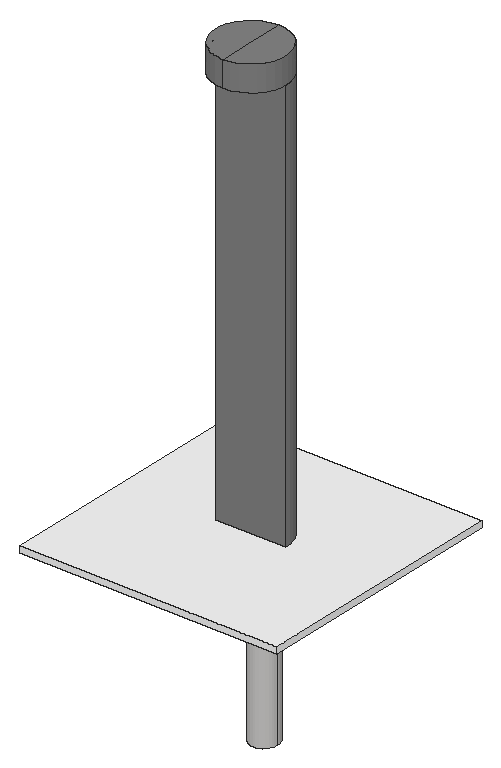
Revit family "BE_77263_de_DE", category Leuchten, Revit 2015
Parameters (values of type "BEGA_77263_Grafit_K3")
  built-in parameter 1150104 = 6.9677 (stored number, unit not read)
  Windangriffsfläche = ""
  Werkzeuglos = ""
  Wattage = 3.6 W
  Default Elevation = 0 mm
  built-in parameter 1150113 = 1 (stored number, unit not read)
  built-in parameter 1114218 = 1 (stored number, unit not read)
  Umgebungstemperatur = ""
  URL = "http://www.bega.de/produkt/77263"
  Typenkommentare = "© 2015 BEGA. Wir behalten uns das Recht vor, technische Änderungen ohne vorherige Ankündigung vorzunehmen."  # constant formula
  Type Image = 77263.png
  built-in parameter 1150134 = (empty or 0)
  built-in parameter 1150109 = 1 (stored number, unit not read)
  Strom = ""
  built-in parameter 1150110 = 1 (stored number, unit not read)
  Spannung = 0 V
  Sonderanfertigung = no
  Seriennummer [instance] = "Hier können Sie die eindeutige Seriennummer für das Facility Management eintragen."
  Schutzklasse = "I"
  Schutzart = "IP 65"
  Scheinlast = 0 VA
  Produktdatenblatt = "http://www.bega.de/download/datenblaetter/de/77263.pdf"
  Oberflächentemperatur = ""
  Neigungswinkel = 0.00°
  Modell = "77263"
  Material_17 = BEGA_Reflektor
  Material_15 = BEGA_Leuchtmedium_matt
  Material_11 = BEGA_Glas_opal
  Material_10 = BEGA_Glas_matt
  Material_09 = BEGA_Glas_klar
  Material_06 = BEGA_Oberfläche_Edelstahl_gebürstet
  Material_03 = BEGA_Oberfläche_Weiss_matt
  Material_02 = BEGA_Oberfläche_Silber_matt
  Material_01 [instance] = BEGA_Oberfläche_Grafit_matt
  M_G = yes
  M_A = no
  Logo = 0
  built-in parameter 1114217 = 1 (stored number, unit not read)
  built-in parameter 1150139 = (empty or 0)
  built-in parameter 1150105 = 21.486 (stored number, unit not read)
  built-in parameter 1150114 = 1 (stored number, unit not read)
  Lumens = 270 lm
  Lichtpunkthöhe [instance] = ""
  built-in parameter 1150115 = 1 (stored number, unit not read)
  Leuchtenlichtstrom = "139 lm"
  Leuchtenanzahl = ""
  Lebensdauerkriterien = "L70 = 50.000 h"
  Lastklassifizierung = Beleuchtung
  built-in parameter 1150112 = 1 (stored number, unit not read)
  Lampenlichtstrom = "270 lm"
  Lampe = "LED 3.6 W"
  LED_Modulbezeichnung = "LED-0234/830"
  built-in parameter 1150142 = (empty or 0)
  Hersteller = "BEGA"  # constant formula
  Halbstreuwinkel = ""
  Gewicht = "2.85 kg"
  Gebrauchslageneinschränkung [instance] = ""
  Frequenz = "0/50-60 Hz"
  Farbwiedergabeindex = "Ra > 80"
  Farbtemperaturverschiebung bei Dämpfen der Lampe = <Keine Auswahl>
  Farbtemperatur = "3000 K"
  Color Filter = 16777215
  Erdstücklänge_E = ""
  built-in parameter 1150133 = 10 (stored number, unit not read)
  Energieeffizienzklasse = "LED A++ - A"
  Einstecktiefe = ""
  built-in parameter 1150137 = (empty or 0)
  built-in parameter 1150132 = (empty or 0)
  Einbau_in_Wärmedämmung = ""
  ENEC = "ja"
  Datei für fotometrisches Netz = "BE_77263.IES"
  CE_Konformität = "ja"
  Bestellnummer = "77263"
  Beschreibung_Sonderanfertigung = "Hier können Sie Informationen zur Sonderanfertigung eintragen."
  Beschreibung = "Garten- und Wegeleuchte"
  built-in parameter 1150106 = 0.21486 (stored number, unit not read)
  Belastbarkeit [instance] = ""
  Ballwurfsicher = ""
  BEGA_Intern_aus = yes
  BEGA_Intern_an = yes
  BEGA_Intern_Konstruktion = yes
  BEGA_Intern = yes
  BEGA_IES = yes
  BEGA_Dummy = no
  Anschlussleitung = ""
  Anschlussleistung [instance] = "5 W"
  built-in parameter 1150107 = 3000 (stored number, unit not read)
  built-in parameter 1150102 = (empty or 0)
  built-in parameter 1150138 = (empty or 0)
  Aktualisierung = "2016-01-22T04:09:00"
  Abstand_zur_angestrahlten_Fläche [instance] = ""
  AC/DC = "AC/DC"
Types (3, lengths in mm): name | Modell | M_G | M_A | Bestellnummer
  (no name) | "77263" | yes | no | "77263"
  BEGA_77263_Silber_K3 | "77263A" | no | yes | "77263A"
  BEGA_77263_Grafit_K3 | "77263" | yes | no | "77263"
Reference planes
  plane 1 "Mitte (Vorne/Hinten)": y = 0
  plane 2: z = 0
  plane 3 "Mitte (Links/Rechts)": x = 0
  plane 4 "Links": x = -55
  plane 5 "Rechts": x = 55
  plane 6 "Unten": y = -55
  plane 7 "Oben": y = 55
  plane 8 "Vorne": z = 686.4
  plane 9 "Hinten": z = -300
Forms (mm)
  Extrusion 1, solid, material "BEGA_Platte_Weiss"
    sketch origin (0, -1119.2, 0) x (1, 0, 0) y (0, 1, 0)
      loop
        line (-200, 1319.2) -> (-200, 919.2) -> (200, 919.2) -> (200, 1319.2) -> (-200, 1319.2)
    from 0 to -10
  Extrusion 2, solid, material "BEGA_Dummy_matt", visible <- "BEGA_Dummy"
    sketch origin (77.149, -76.023, 0) x (1, 0, 0) y (0, 1, 0)
      loop
        circle (-77.149, 76.023) r 55
    from 0 to 686.4
Dimensions and locks
  plane 1 "Mitte (Vorne/Hinten)" to Extrusion 1 = 200 mm
  aligned and locked: plane 2 to Extrusion 1
  aligned and locked: level to Extrusion 1
Nested families
  nested 1: "BE_77263" at (0, 0, 0), type "BE_77263"
    with M_G yes
Connectors
  electrical at (0, 0, 0), driven by "Lastklassifizierung", driven by "Spannung", driven by "Scheinlast"
    settings: index 1, voltage 0 V, apparent load 0 VA, apparent load phase1 0 VA, apparent load phase2 0 VA, apparent load phase3 0 VA, power factor 1, load classification "Beleuchtung", number of poles 1, system type 31, power factor state 1, is connector primary yes, connector utility no, sub classification motor no, connector description ""
Definition of nested family "BE_77263"
  Parameters (values of type "BE_77263")
    Default Elevation = 1 mm
    URL = "http://www.bega.de/de/produkt"
    Type Comments = "© 2015 BEGA. Wir behalten uns das Recht vor, technische Änderungen ohne vorherige Ankündigung vorzunehmen. "  # constant formula
    Type Image = (empty or 0)
    Neigungswinkel_um_Z2 = 0.00°
    Neigungswinkel_um_Z1 = 0.00°
    Neigungswinkel_um_Y2 = 0.00°
    Neigungswinkel_um_Y1 = 0.00°
    Neigungswinkel_um_X2 = 0.00°
    Neigungswinkel_um_X1 = 0.00°
    Material_17 = none
    Material_15 = none
    Material_11 = none
    Material_10 = none
    Material_09 = none
    Material_06 = none
    Material_03 = none
    Material_02 = none
    Material_01 = none
    M_W = yes
    M_G = no
    M_A = no
    Länge_Platte = 200 mm  # constant formula
    Höhe_Platte = -350 mm  # constant formula
    Manufacturer = "BEGA"  # constant formula
    Drehwinkel_um_Z2 = 0.00°
    Drehwinkel_um_Z1 = 0.00°
    Breite_Platte = 200 mm  # constant formula
  Reference planes
    plane 1 "Mitte (Oben/Unten)": y = 0
    plane 2: z = 0
    plane 3 "Mitte (Links/Rechts)": x = 0
    plane 4 "Hinten": z = -300
    plane 5 "Links": x = -55
    plane 6 "Rechts": x = 55
    plane 7 "Oben": y = 55
    plane 8 "Unten": y = -55
    plane 9: z = 686.4
  Forms (mm)
    Extrusion 1, solid, detail levels medium
      sketch origin (0, 0, 0) x (1, 0, 0) y (0, 1, 0)
        loop
          line (-100, 100) -> (-100, -100) -> (100, -100) -> (100, 100) -> (-100, 100)
      from 0 to -350 <- "Höhe_Platte"
    Extrusion 2, solid, material <- "Material_06", detail levels medium+fine
      sketch origin (0, 0, 0) x (1, 0, 0) y (0, 1, 0)
        loop
          circle (0, 26) r 21.1
        loop
          circle (0, 26) r 19.1
      from -300 to 120
    Extrusion 3, solid, material <- "Material_01", visible <- "M_G", detail levels medium+fine
      sketch origin (0, 0, 0) x (1, 0, 0) y (0, 1, 0)
        loop
          arc (55, 0) -> (0, 55) -> (-55, 0) r 55
          line (-55, 0) -> (55, 0)
        loop
          line (-51.913, 3) -> (51.913, 3)
          arc (51.913, 3) -> (38.229, 35.25) -> (7.194, 51.5) r 52
          line (7.194, 51.5) -> (-7.194, 51.5)
          arc (-7.194, 51.5) -> (-38.229, 35.25) -> (-51.913, 3) r 52
      from 0 to 644.4
    Revolve 4, void
      sketch origin (0, 0, 0) x (0, 1, 0) y (0, 0, 1)
        loop
          line (55.963, 89) -> (50.435, 89) -> (50.435, 85) -> (55.963, 85) -> (55.963, 89)
        axis (55.963, 85) -> (50.435, 85)
      angle from 0 to 360
    Revolve 5, void
      sketch origin (0, 0, -50) x (0, 1, 0) y (0, 0, 1)
        loop
          line (55.963, 89) -> (50.435, 89) -> (50.435, 85) -> (55.963, 85) -> (55.963, 89)
        axis (55.963, 85) -> (50.435, 85)
      angle from 0 to 360
    Revolve 6, solid, material <- "Material_06", detail levels fine
      sketch origin (0, 0, 0) x (0, 1, 0) y (0, 0, 1)
        loop
          line (56.3, 87.385) -> (55.685, 88) -> (47.773, 88) -> (46.29, 86.517) -> (47.166, 85) -> (56.3, 85) -> (56.3, 87.385)
        axis (56.3, 85) -> (46.29, 85)
      angle from 0 to 360
    Revolve 7, solid, material <- "Material_06", detail levels fine
      sketch origin (0, 0, -50) x (0, 1, 0) y (0, 0, 1)
        loop
          line (56.3, 87.385) -> (55.685, 88) -> (47.773, 88) -> (46.29, 86.517) -> (47.166, 85) -> (56.3, 85) -> (56.3, 87.385)
        axis (56.3, 85) -> (46.29, 85)
      angle from 0 to 360
    Revolve 8, solid, material <- "Material_01", visible <- "M_G", detail levels medium+fine
      sketch origin (0, 0, 0) x (0, 1, 0) y (0, 0, 1)
        loop
          line (0, 686.4) -> (-54.651, 686.4) -> (-55, 646.4) -> (-46.57, 646.4) -> (-46.483, 648.9) -> (-49.532, 648.9) -> (-49.797, 664.1) -> (-48.082, 664.1) -> (-47.39, 683.9) -> (0, 683.9) -> (0, 686.4)
        axis (0, 686.4) -> (0, 646.4)
      angle from 0 to 360
    Extrusion 9, solid, material <- "Material_01", visible <- "M_G", detail levels medium+fine
      sketch origin (0, 0, 0) x (1, 0, 0) y (0, 1, 0)
        loop
          line (-54.022, 1.153) -> (54.022, 1.153)
          arc (54.022, 1.153) -> (0, 54.035) -> (-54.022, 1.153) r 54.035
      from 644.4 to 648.9
    Extrusion 10, solid, material <- "Material_10", detail levels medium+fine
      sketch origin (0, 0, 0) x (1, 0, 0) y (0, 1, 0)
        loop
          line (-48.538, 2.5) -> (-48.538, -3.806)
          arc (-48.538, -3.806) -> (0.583, -48.93) -> (48.538, -2.569) r 48.627
          line (48.538, -2.569) -> (48.538, 2.5) -> (-48.538, 2.5)
      from 648.9 to 652.9
    Extrusion 11, solid, material <- "Material_02", visible <- "M_A", detail levels medium+fine
      sketch origin (0, 0, 0) x (1, 0, 0) y (0, 1, 0)
        loop
          arc (55, 0) -> (0, 55) -> (-55, 0) r 55
          line (-55, 0) -> (55, 0)
        loop
          line (-51.913, 3) -> (51.913, 3)
          arc (51.913, 3) -> (38.229, 35.25) -> (7.194, 51.5) r 52
          line (7.194, 51.5) -> (-7.194, 51.5)
          arc (-7.194, 51.5) -> (-38.229, 35.25) -> (-51.913, 3) r 52
      from 0 to 644.4
    Revolve 12, solid, material <- "Material_02", visible <- "M_A", detail levels medium+fine
      sketch origin (0, 0, 0) x (0, 1, 0) y (0, 0, 1)
        loop
          line (0, 686.4) -> (-54.651, 686.4) -> (-55, 646.4) -> (-46.57, 646.4) -> (-46.483, 648.9) -> (-49.532, 648.9) -> (-49.797, 664.1) -> (-48.082, 664.1) -> (-47.39, 683.9) -> (0, 683.9) -> (0, 686.4)
        axis (0, 686.4) -> (0, 646.4)
      angle from 0 to 360
    Extrusion 13, solid, material <- "Material_02", visible <- "M_A", detail levels medium+fine
      sketch origin (0, 0, 0) x (1, 0, 0) y (0, 1, 0)
        loop
          line (-54.022, 1.153) -> (54.022, 1.153)
          arc (54.022, 1.153) -> (0, 54.035) -> (-54.022, 1.153) r 54.035
      from 644.4 to 648.9
  Cuts and joins
    Revolve 4, Revolve 5 cuts Extrusion 3
    Revolve 4, Revolve 5 cuts Extrusion 11
  Dimensions and locks
    equal spacing: Extrusion 1 sketch curve, plane 3 "Mitte (Links/Rechts)", Extrusion 1 sketch curve
    equal spacing: Extrusion 1 sketch curve, plane 1 "Mitte (Oben/Unten)", Extrusion 1 sketch curve
    "Länge_Platte": Extrusion 1 sketch curve to Extrusion 1 sketch curve
    "Breite_Platte": Extrusion 1 sketch curve to Extrusion 1 sketch curve
    aligned and locked: plane 2 to Extrusion 1
    aligned and locked: level to Extrusion 1
  Automatic sketch dimensions
    Extrusion 2 sketch curve to Extrusion 2 sketch curve = 0 mm  (x2)
    Extrusion 2 sketch curve to plane 3 "Mitte (Links/Rechts)" = 0 mm
    Extrusion 2 sketch curve to plane 1 "Mitte (Oben/Unten)" = 26 mm
    Extrusion 3 sketch curve to Extrusion 3 sketch curve = 0 mm  (x6)
    plane 1 "Mitte (Oben/Unten)" to Extrusion 3 sketch curve = 0 mm
    Extrusion 3 sketch curve to plane 3 "Mitte (Links/Rechts)" = 0 mm
    Extrusion 3 sketch curve to plane 3 "Mitte (Links/Rechts)" = 7.194 mm
    Extrusion 3 sketch curve to plane 1 "Mitte (Oben/Unten)" = 3 mm
    Extrusion 3 sketch curve to plane 3 "Mitte (Links/Rechts)" = 51.913 mm
    Extrusion 3 sketch curve to Extrusion 3 sketch curve = 3.087 mm
    plane 3 "Mitte (Links/Rechts)" to Extrusion 3 sketch curve = 7.194 mm
    Revolve 4 sketch curve to plane 1 "Mitte (Oben/Unten)" = 50.435 mm
    Revolve 4 sketch curve to Revolve 4 sketch curve = 5.528 mm
    level to Revolve 4 sketch curve = 85 mm
    Revolve 4 sketch curve to Revolve 4 sketch curve = 4 mm
    Revolve 4 sketch curve to Revolve 4 sketch curve = 6.135 mm
    Revolve 4 sketch curve to Revolve 4 sketch curve = 2.337 mm
    Revolve 4 sketch curve to Revolve 4 sketch curve = 0 mm
    Revolve 5 sketch curve to plane 1 "Mitte (Oben/Unten)" = 50.435 mm
    Revolve 5 sketch curve to Revolve 5 sketch curve = 5.528 mm
    level to Revolve 5 sketch curve = 35 mm
    Revolve 5 sketch curve to Revolve 5 sketch curve = 4 mm
    Revolve 5 sketch curve to Revolve 5 sketch curve = 6.135 mm
    Revolve 5 sketch curve to Revolve 5 sketch curve = 2.337 mm
    Revolve 5 sketch curve to Revolve 5 sketch curve = 0 mm
    Revolve 6 sketch curve to plane 1 "Mitte (Oben/Unten)" = 46.29 mm
    Revolve 6 sketch curve to Revolve 6 sketch curve = 0.876 mm
    Revolve 6 sketch curve to Revolve 6 sketch curve = 1.483 mm
    Revolve 6 sketch curve to Revolve 6 sketch curve = 7.912 mm
    Revolve 6 sketch curve to Revolve 6 sketch curve = 0.615 mm  (x2)
    level to Revolve 6 sketch curve = 85 mm
    Revolve 6 sketch curve to Revolve 6 sketch curve = 1.517 mm
    Revolve 6 sketch curve to Revolve 6 sketch curve = 2.385 mm
    Revolve 6 sketch curve to Revolve 6 sketch curve = 1.99 mm
    Revolve 6 sketch curve to Revolve 6 sketch curve = 2 mm
    Revolve 6 sketch curve to Revolve 6 sketch curve = 0 mm
    Revolve 7 sketch curve to plane 1 "Mitte (Oben/Unten)" = 46.29 mm
    Revolve 7 sketch curve to Revolve 7 sketch curve = 0.876 mm
    Revolve 7 sketch curve to Revolve 7 sketch curve = 1.483 mm
    Revolve 7 sketch curve to Revolve 7 sketch curve = 7.912 mm
    Revolve 7 sketch curve to Revolve 7 sketch curve = 0.615 mm  (x2)
    level to Revolve 7 sketch curve = 35 mm
    Revolve 7 sketch curve to Revolve 7 sketch curve = 1.517 mm
    Revolve 7 sketch curve to Revolve 7 sketch curve = 2.385 mm
    Revolve 7 sketch curve to Revolve 7 sketch curve = 1.99 mm
    Revolve 7 sketch curve to Revolve 7 sketch curve = 2 mm
    Revolve 7 sketch curve to Revolve 7 sketch curve = 0 mm
    Revolve 8 sketch curve to plane 1 "Mitte (Oben/Unten)" = 0 mm  (x2)
    plane 1 "Mitte (Oben/Unten)" to Revolve 8 sketch curve = 46.483 mm
    Revolve 8 sketch curve to Revolve 8 sketch curve = 0.087 mm
    Revolve 8 sketch curve to Revolve 8 sketch curve = 0.908 mm
    Revolve 8 sketch curve to Revolve 8 sketch curve = 1.599 mm
    Revolve 8 sketch curve to Revolve 8 sketch curve = 3.049 mm
    Revolve 8 sketch curve to Revolve 8 sketch curve = 1.715 mm
    Revolve 8 sketch curve to Revolve 8 sketch curve = 7.26 mm
    Revolve 8 sketch curve to Revolve 8 sketch curve = 5.468 mm
    Revolve 8 sketch curve to Revolve 8 sketch curve = 2.5 mm  (x2)
    Revolve 8 sketch curve to Revolve 8 sketch curve = 15.2 mm
    Revolve 8 sketch curve to Revolve 8 sketch curve = 19.8 mm
    Revolve 8 sketch curve to plane 4 "Hinten" = 509.6 mm
    Revolve 8 sketch curve to Revolve 8 sketch curve = 1657.407 mm
    plane 1 "Mitte (Oben/Unten)" to Extrusion 9 sketch curve = 0 mm
    Extrusion 9 sketch curve to plane 3 "Mitte (Links/Rechts)" = 0 mm
    Extrusion 9 sketch curve to plane 1 "Mitte (Oben/Unten)" = 1.153 mm
    Extrusion 9 sketch curve to plane 3 "Mitte (Links/Rechts)" = 54.022 mm
    Extrusion 10 sketch curve to plane 1 "Mitte (Oben/Unten)" = 2.5 mm
    Extrusion 10 sketch curve to plane 3 "Mitte (Links/Rechts)" = 48.538 mm
    Extrusion 10 sketch curve to plane 3 "Mitte (Links/Rechts)" = 0.037 mm
    plane 3 "Mitte (Links/Rechts)" to Extrusion 10 sketch curve = 48.538 mm
    plane 1 "Mitte (Oben/Unten)" to Extrusion 10 sketch curve = 0.306 mm
    plane 1 "Mitte (Oben/Unten)" to Extrusion 10 sketch curve = 3.806 mm
    Extrusion 11 sketch curve to Extrusion 11 sketch curve = 0 mm  (x6)
    plane 1 "Mitte (Oben/Unten)" to Extrusion 11 sketch curve = 0 mm
    Extrusion 11 sketch curve to plane 3 "Mitte (Links/Rechts)" = 0 mm
    Extrusion 11 sketch curve to plane 3 "Mitte (Links/Rechts)" = 7.194 mm
    Extrusion 11 sketch curve to plane 1 "Mitte (Oben/Unten)" = 3 mm
    Extrusion 11 sketch curve to plane 3 "Mitte (Links/Rechts)" = 51.913 mm
    Extrusion 11 sketch curve to Extrusion 11 sketch curve = 3.087 mm
    plane 3 "Mitte (Links/Rechts)" to Extrusion 11 sketch curve = 7.194 mm
    Revolve 12 sketch curve to plane 1 "Mitte (Oben/Unten)" = 0 mm  (x2)
    plane 1 "Mitte (Oben/Unten)" to Revolve 12 sketch curve = 46.483 mm
    Revolve 12 sketch curve to Revolve 12 sketch curve = 0.087 mm
    Revolve 12 sketch curve to Revolve 12 sketch curve = 0.908 mm
    Revolve 12 sketch curve to Revolve 12 sketch curve = 1.599 mm
    Revolve 12 sketch curve to Revolve 12 sketch curve = 3.049 mm
    Revolve 12 sketch curve to Revolve 12 sketch curve = 1.715 mm
    Revolve 12 sketch curve to Revolve 12 sketch curve = 7.26 mm
    Revolve 12 sketch curve to Revolve 12 sketch curve = 5.468 mm
    Revolve 12 sketch curve to Revolve 12 sketch curve = 2.5 mm  (x2)
    Revolve 12 sketch curve to Revolve 12 sketch curve = 15.2 mm
    Revolve 12 sketch curve to Revolve 12 sketch curve = 19.8 mm
    Revolve 12 sketch curve to plane 4 "Hinten" = 509.6 mm
    Revolve 12 sketch curve to Revolve 12 sketch curve = 1657.407 mm
    plane 1 "Mitte (Oben/Unten)" to Extrusion 13 sketch curve = 0 mm
    Extrusion 13 sketch curve to plane 3 "Mitte (Links/Rechts)" = 0 mm
    Extrusion 13 sketch curve to plane 1 "Mitte (Oben/Unten)" = 1.153 mm
    Extrusion 13 sketch curve to plane 3 "Mitte (Links/Rechts)" = 54.022 mm
    level to Revolve 8 sketch curve = 646.4 mm
    level to Revolve 12 sketch curve = 646.4 mm
    radius of Extrusion 2 sketch curve = 21.1 mm
    radius of Extrusion 2 sketch curve = 19.1 mm
